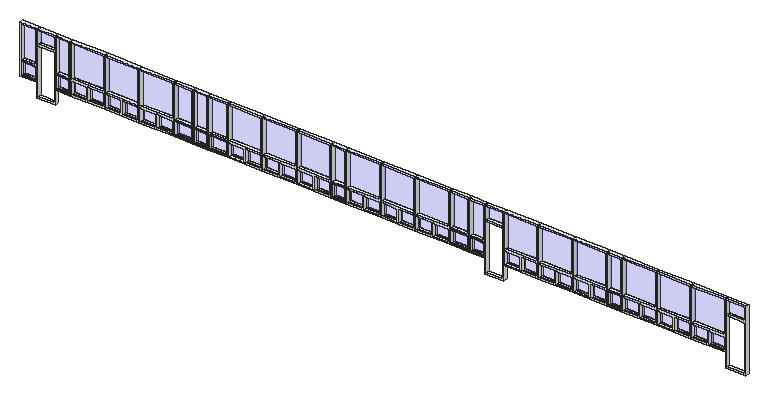
Revit family
Parameters
  창 두께 = 150 mm
  창 패널 = AW26 창 패널
  창 프레임 = AW26 창 프레임
  길이 2 = 기본 씰 높이 + Height  # 2700 mm
  길이 1 = (Width - 9050 mm) / 15  # 1500 mm
  Height = 2100 mm
  절반 창 두께 = 창 두께 / 2  # 75 mm
  기본 씰 높이 = 600 mm
  Wall Closure = (empty or 0)
  Width = 31550 mm
Reference planes
  plane 1: y = 0
  plane 2 "중심(왼쪽/오른쪽)": x = 0
  plane 3 "왼쪽": x = -15775
  plane 4 "오른쪽": x = 15775
  plane 5 "씰": z = 600
  plane 6 "헤드": z = 2700
  plane 7 "외부": y = 100
  plane 8 "내부": y = -100
  plane 9: y = -75
  plane 10: y = 75
  plane 11: y = 66
  plane 12: y = 44
  plane 13: y = 35
  plane 14: x = 10400
  plane 15: x = 9750
  plane 16: x = 8250
  plane 17: x = 6750
  plane 18: x = 5250
  plane 19: x = 4450
  plane 20: x = 3750
  plane 21: x = 2900
  plane 22: x = 1400
  plane 23: x = -100
  plane 24: x = -1600
  plane 25: x = -2250
  plane 26: x = -3750
  plane 27: x = -5250
  plane 28: x = -6750
  plane 29: x = -7600
  plane 30: x = -8250
  plane 31: x = -9100
  plane 32: x = -10600
  plane 33: x = -12100
  plane 34: x = -13600
  plane 35: x = -14250
  plane 36: z = 1200
  plane 37: z = 1245
  plane 38: z = 1190
  plane 39: z = 2655
  plane 40: x = 15730
  plane 41: x = -15730
  plane 42: x = 6750
  plane 43: x = -15050
  plane 44: x = 11900
  plane 45: z = 2100
  plane 46: z = 2055
  plane 47: x = 13400
  plane 48: x = 14950
  plane 49: x = 11150
  plane 50: x = 12650
  plane 51: x = 14175
  plane 52: z = 0
Text (mm)
  text "외부" at (-1963.203, 1332.353, 0), in view "참조 레벨"
  text "내부" at (-1981.466, -818.386, 0), in view "참조 레벨"
  text "외부" at (0, 923.751, 2943.296), in view "오른쪽"
  text "외부" at (0, 1040.484, 2685.409), in view "왼쪽"
Dimensions and locks
  equal spacing: plane 3 "왼쪽", plane 2 "중심(왼쪽/오른쪽)", plane 4 "오른쪽"
  "Width": plane 3 "왼쪽" to plane 4 "오른쪽"
  "Height": plane 5 "씰" to plane 6 "헤드"
  "기본 씰 높이": plane 5 "씰" to level
  locked: plane 7 "외부" to host wall at 0
  locked: plane 8 "내부" to host wall
  plane 10 to plane 11 to plane 12 to plane 13 = 9 mm locked, 22 mm locked, 9 mm locked
  locked: plane 15 to plane 14 at 650
  locked: plane 16 to plane 15 at 1500
  locked: plane 17 to plane 16 at 1500
  locked: plane 18 to plane 17 at 1500
  plane 19 to plane 18 = 800 mm
  plane 20 to plane 19 = 700 mm
  locked: plane 21 to plane 20 at 850
  locked: plane 22 to plane 21 at 1500
  locked: plane 23 to plane 22 at 1500
  locked: plane 24 to plane 23 at 1500
  locked: plane 25 to plane 24 at 650
  locked: plane 26 to plane 25 at 1500
  locked: plane 27 to plane 26 at 1500
  locked: plane 28 to plane 27 at 1500
  locked: plane 29 to plane 28 at 850
  locked: plane 30 to plane 29 at 650
  locked: plane 31 to plane 30 at 850
  locked: plane 32 to plane 31 at 1500
  locked: plane 33 to plane 32 at 1500
  locked: plane 34 to plane 33 at 1500
  locked: plane 35 to plane 34 at 650
  host wall to plane 6 "헤드" = 300 mm
  locked: plane 5 "씰" to plane 36 at 600
  plane 38 to plane 36 to plane 37 = 10 mm locked, 45 mm locked
  locked: plane 40 to plane 4 "오른쪽" at 45
  locked: plane 3 "왼쪽" to plane 41 at 45
  locked: plane 39 to plane 6 "헤드" at 45
  plane 46 to plane 45 to plane 6 "헤드" = 45 mm locked, 600 mm locked
  plane 3 "왼쪽" to plane 43 = 725 mm
  plane 43 to plane 35 = 800 mm
  plane 14 to plane 44 = 1500 mm
  plane 44 to plane 47 = 1500 mm
  plane 47 to plane 48 = 1550 mm
  plane 48 to plane 4 "오른쪽" = 825 mm
  equal spacing: plane 14, plane 49, plane 44
  equal spacing: plane 44, plane 50, plane 47
  equal spacing: plane 47, plane 51, plane 48
  "절반 창 두께": plane 10 to plane 1
  "절반 창 두께": plane 1 to plane 9
  locked: nested 3 to nested 7 at 2350
  locked: nested 22 to nested 19 at 2350
  aligned and locked: plane 42 to plane 17
  aligned and locked: plane 23 to nested 1
  aligned and locked: plane 5 "씰" to nested 1  (x2)
  aligned and locked: nested 2 to nested 1
  aligned and locked: plane 5 "씰" to nested 3
  aligned and locked: nested 2 to nested 3
  aligned and locked: plane 5 "씰" to nested 4
  aligned and locked: nested 4 to nested 3
  aligned and locked: nested 1 to nested 5
  aligned and locked: plane 52 to level
  aligned and locked: nested 6 to plane 52
  aligned and locked: nested 6 to nested 4
  aligned and locked: plane 5 "씰" to nested 7
  aligned and locked: plane 5 "씰" to nested 5
  aligned and locked: plane 5 "씰" to nested 8
  aligned and locked: nested 7 to nested 8
  aligned and locked: nested 9 to nested 8
  aligned and locked: plane 5 "씰" to nested 10
  aligned and locked: plane 5 "씰" to nested 11
  aligned and locked: nested 9 to nested 11
  aligned and locked: nested 10 to nested 11
  aligned and locked: plane 5 "씰" to nested 12
  aligned and locked: nested 10 to nested 12
  aligned and locked: plane 5 "씰" to nested 13
  aligned and locked: nested 12 to nested 13
  aligned and locked: nested 14 to plane 52
  aligned and locked: nested 14 to nested 13
  aligned and locked: plane 5 "씰" to nested 15
  aligned and locked: nested 15 to nested 5
  aligned and locked: plane 5 "씰" to nested 16
  aligned and locked: nested 16 to nested 15
  aligned and locked: plane 5 "씰" to nested 17
  aligned and locked: nested 16 to nested 17
  aligned and locked: plane 5 "씰" to nested 18
  aligned and locked: nested 17 to nested 18
  aligned and locked: plane 5 "씰" to nested 19
  aligned and locked: plane 5 "씰" to nested 20
  aligned and locked: nested 20 to nested 19
  aligned and locked: plane 5 "씰" to nested 21
  aligned and locked: nested 21 to nested 20
  aligned and locked: plane 5 "씰" to nested 22
  aligned and locked: nested 19 to nested 18
  aligned and locked: nested 23 to nested 22
  aligned and locked: plane 5 "씰" to nested 24
  aligned and locked: nested 23 to nested 24
  aligned and locked: plane 5 "씰" to nested 25
  aligned and locked: nested 25 to nested 24
  aligned and locked: nested 26 to plane 52
  aligned and locked: nested 26 to nested 25
  aligned and locked: plane 5 "씰" to nested 27
  aligned and locked: nested 26 to nested 27
  aligned and locked: plane 5 "씰" to nested 9
  aligned and locked: plane 5 "씰" to nested 2
  aligned and locked: plane 5 "씰" to nested 23
Nested families
  nested 1: "AW9 2" at (650, 0, 0), type "1500"
  nested 2: "AW9 2" at (2150, 0, 0), type "1500"
  nested 3: "창 고정 단위" at (3325, 0, 0), type "850"
    with Width 850 mm
  nested 4: "창 고정 단위" at (4100, 0, 0), type "700"
    with Width 700 mm
  nested 5: "AW9 2" at (-850, 0, 0), type "1500"
  nested 6: "문 프레임" at (4850, 0, -600), type "800"
    with 기본 씰 높이 600 mm, Width 800 mm
  nested 7: "AW9 2" at (6000, 0, 0), type "1500"
  nested 8: "AW9 2" at (7500, 0, 0), type "1500"
  nested 9: "AW9 2" at (9000, 0, 0), type "1500"
  nested 10: "AW9 2" at (11150, 0, 0), type "1500"
  nested 11: "창 고정 단위" at (10075, 0, 0), type "650"
  nested 12: "AW9 2" at (12650, 0, 0), type "1500"
  nested 13: "AW9 2" at (14150, 0, 0), type "1500"
  nested 14: "문 프레임" at (15337.5, 0, -600), type "875"
    with 기본 씰 높이 600 mm
  nested 15: "창 고정 단위" at (-1925, 0, 0), type "650"
  nested 16: "AW9 2" at (-3000, 0, 0), type "1500"
  nested 17: "AW9 2" at (-4500, 0, 0), type "1500"
  nested 18: "AW9 2" at (-6000, 0, 0), type "1500"
  nested 19: "창 고정 단위" at (-7175, 0, 0), type "850"
    with Width 850 mm
  nested 20: "창 고정 단위" at (-7925, 0, 0), type "650"
  nested 21: "창 고정 단위" at (-8675, 0, 0), type "850"
    with Width 850 mm
  nested 22: "AW9 2" at (-9850, 0, 0), type "1500"
  nested 23: "AW9 2" at (-11350, 0, 0), type "1500"
  nested 24: "AW9 2" at (-12850, 0, 0), type "1500"
  nested 25: "창 고정 단위" at (-13925, 0, 0), type "650"
  nested 26: "문 프레임" at (-14650, 0, -600), type "800"
    with 기본 씰 높이 600 mm, Width 800 mm
  nested 27: "창 고정 단위" at (-15412.5, 0, 0), type "725"
    with Width 725 mm
Definition of nested family "AW9 2"
  Parameters (values of type "AW9")
    창 두께 = 150 mm
    창 패널 = AW26 창 패널
    창 프레임 = AW26 창 프레임
    Height = 2100 mm
    절반 창 두께 = 창 두께 / 2  # 75 mm
    기본 씰 높이 = 600 mm
    Wall Closure = (empty or 0)
    Width = 1500 mm
    Assembly Code = ""
  Types (3, lengths in mm): name | Width
    AW9 | 1500
    AW9 2 | 1600
    AW9 1 | 4500
  Reference planes
    plane 1: y = 0
    plane 2 "중심(왼쪽/오른쪽)": x = 0
    plane 3 "왼쪽": x = -750
    plane 4 "오른쪽": x = 750
    plane 5 "씰": z = 600
    plane 6 "헤드": z = 2700
    plane 7 "외부": y = 100
    plane 8 "내부": y = -100
    plane 9: y = 75
    plane 10: y = -75
    plane 11: y = 35
    plane 12: x = -705
    plane 13: x = 705
    plane 14: x = -695
    plane 15: x = 695
    plane 16: z = 1200
    plane 17: z = 1190
    plane 18: z = 1245
    plane 19: y = 55
    plane 20: y = 66
    plane 21: y = 44
    plane 22: y = -11
    plane 23: y = 11
    plane 24: x = -22.5
    plane 25: x = 22.5
    plane 26: x = -32.5
    plane 27: x = 32.5
    plane 28: z = 2655
    plane 29: z = 645
    plane 30: x = 655
    plane 31: z = 1150
    plane 32: x = -655
    plane 33: z = 685
    plane 34: x = 72.5
    plane 35: x = -72.5
    plane 36: x = 368.75
    plane 37: x = -368.75
  Forms (mm)
    Extrusion 1, solid, material "AW26 창 프레임" <- "창 프레임"
      sketch origin (-2000, 75, 1000) x (-1, 0, 0) y (0, 0, 1)
        loop
          line (-2750, 1700) -> (-2750, -400) -> (-1250, -400) -> (-1250, 1700) -> (-2750, 1700)
        loop
          line (-2705, 1655) -> (-2705, 245) -> (-1295, 245) -> (-1295, 1655) -> (-2705, 1655)
        loop
          line (-2705, -355) -> (-2032.5, -355) -> (-2032.5, 190) -> (-2705, 190) -> (-2705, -355)
        loop
          line (-1295, -355) -> (-1295, 190) -> (-1967.5, 190) -> (-1967.5, -355) -> (-1295, -355)
      from -150 to 0
    Extrusion 2, solid, material "AW26 창 프레임" <- "창 프레임"
      sketch origin (-2000, 75, 1000) x (-1, 0, 0) y (0, 0, 1)
        loop
          line (-2705, 190) -> (-2705, -355) -> (-2032.5, -355) -> (-2032.5, 190) -> (-2705, 190)
        loop
          line (-1967.5, 190) -> (-1967.5, -355) -> (-1295, -355) -> (-1295, 190) -> (-1967.5, 190)
        loop
          line (-2655, 150) -> (-2655, -315) -> (-2072.5, -315) -> (-2072.5, 150) -> (-2655, 150)
        loop
          line (-1927.5, 150) -> (-1927.5, -315) -> (-1345, -315) -> (-1345, 150) -> (-1927.5, 150)
      from -40 to 0
    Extrusion 3, solid, material "AW26 창 패널" <- "창 패널"
      sketch origin (-2000, 75, 1000) x (-1, 0, 0) y (0, 0, 1)
        loop
          line (-2705, 1655) -> (-2705, 245) -> (-1295, 245) -> (-1295, 1655) -> (-2705, 1655)
        loop
          line (-2655, 150) -> (-2655, -315) -> (-2072.5, -315) -> (-2072.5, 150) -> (-2655, 150)
        loop
          line (-1927.5, 150) -> (-1927.5, -315) -> (-1345, -315) -> (-1345, 150) -> (-1927.5, 150)
      from -31 to -9
  Lines and regions (mm)
    Opening 1
      outline origin (3500, -100, 0) x (1, 0, 0) y (0, 0, 1)
        loop
          line (-2750, 600) -> (-2750, 2700) -> (-4250, 2700) -> (-4250, 600) -> (-2750, 600)
    symbolic lines, style "입면도 스윙"
      curve 1: line (368.75, 75, 1190) -> (705, 75, 645)
      curve 2: line (368.75, 75, 1190) -> (32.5, 75, 645)
      curve 3: line (-32.5, 75, 645) -> (-368.75, 75, 1190)
      curve 4: line (-368.75, 75, 1190) -> (-705, 75, 645)
    symbolic lines
      curve 5: line (-750, 75, 0) -> (750, 75, 0)
      curve 6: line (-705, 0, 0) -> (705, 0, 0)
      curve 7: line (-750, -75, 0) -> (750, -75, 0)
      curve 8: line (-705, 75, 0) -> (-705, -75, 0)
      curve 9: line (705, 75, 0) -> (705, -75, 0)
  Text (mm)
    text "외부" at (-1963.203, 1332.353, 0), in view "참조 레벨"
    text "내부" at (-1981.466, -818.386, 0), in view "참조 레벨"
    text "외부" at (0, 923.751, 2943.296), in view "오른쪽"
    text "외부" at (0, 1040.484, 2685.409), in view "왼쪽"
  Dimensions and locks
    equal spacing: plane 3 "왼쪽", plane 2 "중심(왼쪽/오른쪽)", plane 4 "오른쪽"
    "Width": plane 3 "왼쪽" to plane 4 "오른쪽"
    "Height": plane 5 "씰" to plane 6 "헤드"
    locked: plane 7 "외부" to host wall at 0
    locked: plane 8 "내부" to host wall
    plane 17 to plane 16 to plane 18 = 10 mm locked, 45 mm locked
    plane 9 to plane 19 to plane 11 = 20 mm locked, 20 mm locked
    plane 20 to plane 19 to plane 21 = 11 mm locked, 11 mm locked
    plane 23 to host wall to plane 22 = 11 mm locked, 11 mm locked
    plane 3 "왼쪽" to plane 12 to plane 14 = 45 mm locked, 10 mm locked
    plane 15 to plane 13 to plane 4 "오른쪽" = 10 mm locked, 45 mm locked
    plane 24 to plane 2 "중심(왼쪽/오른쪽)" to plane 25 = 22.5 mm locked, 22.5 mm locked
    locked: plane 26 to plane 24 at 10
    locked: plane 25 to plane 27 at 10
    locked: plane 5 "씰" to plane 16 at 600
    "절반 창 두께": plane 9 to plane 1
    "절반 창 두께": plane 10 to plane 1
    "기본 씰 높이": level to plane 5 "씰"
    locked: plane 28 to plane 6 "헤드" at 45
    locked: plane 5 "씰" to plane 29 at 45
    locked: plane 30 to plane 15 at 40
    locked: plane 31 to plane 17 at 40
    locked: plane 14 to plane 32 at 40
    locked: plane 29 to plane 33 at 40
    locked: plane 34 to plane 27 at 40
    locked: plane 26 to plane 35 at 40
    equal spacing: plane 27, plane 36, plane 13
    equal spacing: plane 26, plane 37, plane 12
    aligned and locked: plane 6 "헤드" to Extrusion 1 sketch curve
    aligned and locked: plane 4 "오른쪽" to Extrusion 1 sketch curve
    aligned and locked: Extrusion 1 sketch curve to plane 5 "씰"
    aligned and locked: Extrusion 1 sketch curve to plane 3 "왼쪽"
    aligned and locked: Extrusion 1 sketch curve to plane 28
    aligned and locked: plane 13 to Extrusion 1 sketch curve  (x2)
    aligned and locked: plane 29 to Extrusion 1 sketch curve  (x2)
    aligned and locked: Extrusion 1 sketch curve to plane 12
    aligned and locked: plane 18 to Extrusion 1 sketch curve
    aligned and locked: plane 12 to Extrusion 1 sketch curve
    aligned and locked: plane 17 to Extrusion 1 sketch curve  (x2)
    aligned and locked: plane 27 to Extrusion 1 sketch curve
    aligned and locked: plane 26 to Extrusion 1 sketch curve
    aligned and locked: Extrusion 1 to plane 10
    aligned and locked: plane 9 to Extrusion 1
    aligned and locked: plane 17 to Extrusion 2 sketch curve  (x2)
    aligned and locked: plane 13 to Extrusion 2 sketch curve
    aligned and locked: plane 29 to Extrusion 2 sketch curve  (x2)
    aligned and locked: plane 27 to Extrusion 2 sketch curve
    aligned and locked: Extrusion 2 sketch curve to plane 31  (x2)
    aligned and locked: Extrusion 2 sketch curve to plane 30
    aligned and locked: plane 33 to Extrusion 2 sketch curve  (x2)
    aligned and locked: Extrusion 2 sketch curve to plane 34
    aligned and locked: Extrusion 2 sketch curve to plane 26
    aligned and locked: Extrusion 2 sketch curve to plane 12
    aligned and locked: Extrusion 2 sketch curve to plane 35
    aligned and locked: Extrusion 2 sketch curve to plane 32
    aligned and locked: Extrusion 2 to plane 9
    aligned and locked: Extrusion 2 to plane 11
    aligned and locked: Extrusion 3 sketch curve to plane 28
    aligned and locked: plane 13 to Extrusion 3 sketch curve
    aligned and locked: Extrusion 3 sketch curve to plane 18
    aligned and locked: Extrusion 3 sketch curve to plane 12
    aligned and locked: Extrusion 3 sketch curve to plane 31  (x2)
    aligned and locked: Extrusion 3 sketch curve to plane 30
    aligned and locked: plane 33 to Extrusion 3 sketch curve  (x2)
    aligned and locked: Extrusion 3 sketch curve to plane 34
    aligned and locked: Extrusion 3 sketch curve to plane 35
    aligned and locked: Extrusion 3 sketch curve to plane 32
    aligned and locked: Extrusion 3 to plane 21
    aligned and locked: plane 20 to Extrusion 3
    aligned and locked: plane 36 to curve 1
    aligned and locked: plane 29 to curve 1
    aligned and locked: plane 13 to curve 1
    aligned and locked: plane 17 to curve 2
    aligned and locked: plane 27 to curve 2
    aligned and locked: plane 29 to curve 2
    aligned and locked: plane 17 to curve 3
    aligned and locked: plane 37 to curve 3
    aligned and locked: plane 29 to curve 3
    aligned and locked: plane 26 to curve 3
    aligned and locked: plane 29 to curve 4
    aligned and locked: plane 12 to curve 4
    aligned and locked: plane 3 "왼쪽" to curve 5
    aligned and locked: plane 3 "왼쪽" to curve 7
    aligned and locked: plane 12 to curve 6
    aligned and locked: plane 4 "오른쪽" to curve 5
    aligned and locked: plane 4 "오른쪽" to curve 7
    aligned and locked: plane 13 to curve 6
    aligned and locked: plane 13 to curve 9
    aligned and locked: plane 9 to curve 8
    aligned and locked: plane 10 to curve 8
    aligned and locked: plane 12 to curve 8
    aligned and locked: curve 5 to plane 9
    aligned and locked: curve 7 to plane 10
    aligned and locked: host wall to curve 6
  Automatic sketch dimensions
    Opening 1 sketch curve to plane 3 "왼쪽" = 0 mm
    Opening 1 sketch curve to plane 4 "오른쪽" = 0 mm
    Opening 1 sketch curve to plane 5 "씰" = 0 mm
    Opening 1 sketch curve to plane 6 "헤드" = 0 mm
    Extrusion 1 sketch curve to plane 17 = 0 mm
    Extrusion 1 sketch curve to plane 29 = 0 mm
Definition of nested family "창 고정 단위"
  Parameters (values of type "AW9_1_1")
    창 두께 = 150 mm
    창 패널 = AW26 창 패널
    창 프레임 = AW26 창 프레임
    Height = 2100 mm
    절반 창 두께 = 창 두께 / 2  # 75 mm
    기본 씰 높이 = 600 mm
    Wall Closure = (empty or 0)
    Width = 650 mm
    Assembly Code = ""
  Types (4, lengths in mm): name | Width
    AW9_1_1 | 650
    AW9_3 | 800
    AW9_2 | 850
    AW9_1 | 650
  Reference planes
    plane 1: y = 0
    plane 2 "중심(왼쪽/오른쪽)": x = 0
    plane 3 "왼쪽": x = -325
    plane 4 "오른쪽": x = 325
    plane 5 "씰": z = 600
    plane 6 "헤드": z = 2700
    plane 7 "외부": y = 100
    plane 8 "내부": y = -100
    plane 9: y = 75
    plane 10: y = -75
    plane 11: y = 35
    plane 12: x = -280
    plane 13: x = 280
    plane 14: x = -270
    plane 15: x = 270
    plane 16: z = 1200
    plane 17: z = 1190
    plane 18: z = 1245
    plane 19: y = 55
    plane 20: y = 66
    plane 21: y = 44
    plane 22: y = -11
    plane 23: y = 11
    plane 24: x = -22.5
    plane 25: x = 22.5
    plane 26: x = -32.5
    plane 27: x = 32.5
    plane 28: z = 2655
    plane 29: z = 645
    plane 30: x = 230
    plane 31: z = 1150
    plane 32: x = -230
    plane 33: z = 685
    plane 34: x = 72.5
    plane 35: x = -72.5
    plane 36: x = 156.25
    plane 37: x = -156.25
    plane 38: z = 655
  Forms (mm)
    Extrusion 1, solid, material "AW26 창 프레임" <- "창 프레임"
      sketch origin (-2000, 75, 1000) x (-1, 0, 0) y (0, 0, 1)
        loop
          line (-2325, 1700) -> (-2325, -400) -> (-1675, -400) -> (-1675, 1700) -> (-2325, 1700)
        loop
          line (-2280, 1655) -> (-2280, 245) -> (-1720, 245) -> (-1720, 1655) -> (-2280, 1655)
        loop
          line (-2280, -355) -> (-1720, -355) -> (-1720, 200) -> (-2280, 200) -> (-2280, -355)
      from -150 to 0
    Extrusion 2, solid, material "AW26 창 패널" <- "창 패널"
      sketch origin (-2000, 75, 1000) x (-1, 0, 0) y (0, 0, 1)
        loop
          line (-2280, 1655) -> (-2280, 245) -> (-1720, 245) -> (-1720, 1655) -> (-2280, 1655)
        loop
          line (-2280, 200) -> (-2280, -355) -> (-1720, -355) -> (-1720, 200) -> (-2280, 200)
      from -31 to -9
    Extrusion 3, solid, material "AW26 창 프레임" <- "창 프레임"
      sketch origin (-2000, 75, 1000) x (-1, 0, 0) y (0, 0, 1)
        loop
          line (-2230, 150) -> (-2230, -315) -> (-1770, -315) -> (-1770, 150) -> (-2230, 150)
        loop
          line (-2280, 200) -> (-2280, -355) -> (-1720, -355) -> (-1720, 200) -> (-2280, 200)
      from -64 to 0
    Extrusion 4, solid, material "AW26 창 프레임" <- "창 프레임"
      sketch origin (-2000, 75, 1000) x (-1, 0, 0) y (0, 0, 1)
        loop
          line (-2280, 200) -> (-2280, -355) -> (-1720, -355) -> (-1720, 200) -> (-2280, 200)
        loop
          line (-2270, 190) -> (-2270, -345) -> (-1730, -345) -> (-1730, 190) -> (-2270, 190)
      from -64 to -150
  Lines and regions (mm)
    Opening 1
      outline origin (3500, -100, 0) x (1, 0, 0) y (0, 0, 1)
        loop
          line (-3175, 600) -> (-3175, 2700) -> (-3825, 2700) -> (-3825, 600) -> (-3175, 600)
    symbolic lines, style "입면도 스윙"
      curve 1: line (0, 75, 1200) -> (280, 75, 645)
      curve 2: line (0, 75, 1200) -> (-280, 75, 645)
    symbolic lines
      curve 3: line (-325, 75, 0) -> (325, 75, 0)
      curve 4: line (-280, 0, 0) -> (280, 0, 0)
      curve 5: line (-325, -75, 0) -> (325, -75, 0)
      curve 6: line (-280, 75, 0) -> (-280, -75, 0)
      curve 7: line (280, 75, 0) -> (280, -75, 0)
  Text (mm)
    text "외부" at (-1963.203, 1332.353, 0), in view "참조 레벨"
    text "내부" at (-1981.466, -818.386, 0), in view "참조 레벨"
    text "외부" at (0, 923.751, 2943.296), in view "오른쪽"
    text "외부" at (0, 1040.484, 2685.409), in view "왼쪽"
  Dimensions and locks
    equal spacing: plane 3 "왼쪽", plane 2 "중심(왼쪽/오른쪽)", plane 4 "오른쪽"
    "Width": plane 3 "왼쪽" to plane 4 "오른쪽"
    "Height": plane 5 "씰" to plane 6 "헤드"
    locked: plane 7 "외부" to host wall at 0
    locked: plane 8 "내부" to host wall
    plane 17 to plane 16 to plane 18 = 10 mm locked, 45 mm locked
    plane 9 to plane 19 to plane 11 = 20 mm locked, 20 mm locked
    plane 20 to plane 19 to plane 21 = 11 mm locked, 11 mm locked
    plane 23 to host wall to plane 22 = 11 mm locked, 11 mm locked
    plane 3 "왼쪽" to plane 12 to plane 14 = 45 mm locked, 10 mm locked
    plane 15 to plane 13 to plane 4 "오른쪽" = 10 mm locked, 45 mm locked
    plane 24 to plane 2 "중심(왼쪽/오른쪽)" to plane 25 = 22.5 mm locked, 22.5 mm locked
    locked: plane 26 to plane 24 at 10
    locked: plane 25 to plane 27 at 10
    locked: plane 5 "씰" to plane 16 at 600
    "절반 창 두께": plane 9 to plane 1
    "절반 창 두께": plane 10 to plane 1
    "기본 씰 높이": level to plane 5 "씰"
    locked: plane 28 to plane 6 "헤드" at 45
    locked: plane 5 "씰" to plane 29 at 45
    locked: plane 30 to plane 15 at 40
    locked: plane 31 to plane 17 at 40
    locked: plane 14 to plane 32 at 40
    locked: plane 29 to plane 33 at 40
    locked: plane 34 to plane 27 at 40
    locked: plane 26 to plane 35 at 40
    equal spacing: plane 27, plane 36, plane 13
    equal spacing: plane 26, plane 37, plane 12
    locked: plane 29 to plane 38 at 10
    aligned and locked: plane 6 "헤드" to Extrusion 1 sketch curve
    aligned and locked: plane 4 "오른쪽" to Extrusion 1 sketch curve
    aligned and locked: Extrusion 1 sketch curve to plane 5 "씰"
    aligned and locked: Extrusion 1 sketch curve to plane 3 "왼쪽"
    aligned and locked: Extrusion 1 sketch curve to plane 28
    aligned and locked: Extrusion 1 sketch curve to plane 12
    aligned and locked: plane 13 to Extrusion 1 sketch curve  (x3)
    aligned and locked: plane 18 to Extrusion 1 sketch curve
    aligned and locked: Extrusion 1 to plane 10
    aligned and locked: plane 9 to Extrusion 1
    aligned and locked: plane 12 to Extrusion 1 sketch curve  (x2)
    aligned and locked: Extrusion 1 sketch curve to plane 29
    aligned and locked: plane 13 to Extrusion 2 sketch curve  (x2)
    aligned and locked: Extrusion 2 sketch curve to plane 28
    aligned and locked: Extrusion 2 sketch curve to plane 12  (x2)
    aligned and locked: Extrusion 2 sketch curve to plane 18
    aligned and locked: plane 29 to Extrusion 2 sketch curve
    aligned and locked: Extrusion 2 to plane 21
    aligned and locked: plane 20 to Extrusion 2
    aligned and locked: plane 33 to Extrusion 3 sketch curve
    aligned and locked: Extrusion 3 sketch curve to plane 32
    aligned and locked: Extrusion 3 sketch curve to plane 31
    aligned and locked: Extrusion 3 sketch curve to plane 30
    aligned and locked: plane 16 to Extrusion 3 sketch curve
    aligned and locked: plane 13 to Extrusion 3 sketch curve
    aligned and locked: plane 29 to Extrusion 3 sketch curve
    aligned and locked: Extrusion 3 sketch curve to plane 12
    aligned and locked: plane 16 to Extrusion 1 sketch curve
    aligned and locked: plane 16 to Extrusion 2 sketch curve
    aligned and locked: Extrusion 3 to plane 23
    aligned and locked: plane 9 to Extrusion 3
    aligned and locked: plane 16 to Extrusion 4 sketch curve
    aligned and locked: plane 13 to Extrusion 4 sketch curve
    aligned and locked: plane 29 to Extrusion 4 sketch curve
    aligned and locked: Extrusion 4 sketch curve to plane 12
    aligned and locked: Extrusion 4 sketch curve to plane 14
    aligned and locked: plane 17 to Extrusion 4 sketch curve
    aligned and locked: plane 15 to Extrusion 4 sketch curve
    aligned and locked: plane 38 to Extrusion 4 sketch curve
    aligned and locked: Extrusion 4 to plane 23
    aligned and locked: Extrusion 4 to plane 10
    aligned and locked: plane 2 "중심(왼쪽/오른쪽)" to curve 1
    aligned and locked: plane 29 to curve 1
    aligned and locked: plane 13 to curve 1
    aligned and locked: plane 16 to curve 2
    aligned and locked: plane 29 to curve 2
    aligned and locked: plane 12 to curve 2
    aligned and locked: plane 9 to curve 6
    aligned and locked: plane 10 to curve 6
    aligned and locked: plane 12 to curve 6
    aligned and locked: plane 13 to curve 7
    aligned and locked: plane 4 "오른쪽" to curve 3
    aligned and locked: plane 3 "왼쪽" to curve 3
    aligned and locked: plane 3 "왼쪽" to curve 5
    aligned and locked: plane 12 to curve 4
    aligned and locked: plane 4 "오른쪽" to curve 5
    aligned and locked: plane 13 to curve 4
    aligned and locked: curve 3 to plane 9
    aligned and locked: curve 5 to plane 10
    aligned and locked: host wall to curve 4
  Automatic sketch dimensions
    Opening 1 sketch curve to plane 3 "왼쪽" = 0 mm
    Opening 1 sketch curve to plane 4 "오른쪽" = 0 mm
    Opening 1 sketch curve to plane 5 "씰" = 0 mm
    Opening 1 sketch curve to plane 6 "헤드" = 0 mm
Definition of nested family "문 프레임"
  Parameters (values of type "AW9-1")
    창 두께 = 150 mm
    창 패널 = AW26 창 패널
    창 프레임 = AW26 창 프레임
    Height = 2700 mm
    절반 창 두께 = 창 두께 / 2  # 75 mm
    기본 씰 높이 = 0 mm
    Wall Closure = (empty or 0)
    Width = 875 mm
    Assembly Code = ""
  Reference planes
    plane 1: y = 0
    plane 2 "중심(왼쪽/오른쪽)": x = 0
    plane 3 "왼쪽": x = -437.5
    plane 4 "오른쪽": x = 437.5
    plane 5 "씰": z = 0
    plane 6 "헤드": z = 2700
    plane 7 "외부": y = 100
    plane 8 "내부": y = -100
    plane 9: y = 75
    plane 10: y = -75
    plane 11: y = 35
    plane 12: x = -392.5
    plane 13: x = 392.5
    plane 14: x = -382.5
    plane 15: x = 382.5
    plane 16: z = 2055
    plane 17: z = 2045
    plane 18: z = 2100
    plane 19: y = 55
    plane 20: y = 66
    plane 21: y = 44
    plane 22: y = -11
    plane 23: y = 11
    plane 24: x = -22.5
    plane 25: x = 22.5
    plane 26: x = -32.5
    plane 27: x = 32.5
    plane 28: z = 2655
    plane 29: z = 45
    plane 30: x = 342.5
    plane 31: z = 2005
    plane 32: x = -342.5
    plane 33: z = 85
    plane 34: x = 72.5
    plane 35: x = -72.5
  Forms (mm)
    Extrusion 1, solid, material "AW26 창 프레임" <- "창 프레임"
      sketch origin (-2000, 75, 1000) x (-1, 0, 0) y (0, 0, 1)
        loop
          line (-2437.5, 1700) -> (-2437.5, -1000) -> (-1562.5, -1000) -> (-1562.5, 1700) -> (-2437.5, 1700)
        loop
          line (-2392.5, 1655) -> (-2392.5, 1100) -> (-1607.5, 1100) -> (-1607.5, 1655) -> (-2392.5, 1655)
        loop
          line (-2392.5, -955) -> (-1607.5, -955) -> (-1607.5, 1055) -> (-2392.5, 1055) -> (-2392.5, -955)
      from -150 to 0
    Extrusion 2, solid, material "AW26 창 패널" <- "창 패널"
      sketch origin (-2000, 75, 1000) x (-1, 0, 0) y (0, 0, 1)
        loop
          line (-2392.5, 1655) -> (-2392.5, 1100) -> (-1607.5, 1100) -> (-1607.5, 1655) -> (-2392.5, 1655)
      from -40 to -9
  Lines and regions (mm)
    Opening 1
      outline origin (3500, -100, 0) x (1, 0, 0) y (0, 0, 1)
        loop
          line (-3062.5, 0) -> (-3062.5, 2700) -> (-3937.5, 2700) -> (-3937.5, 0) -> (-3062.5, 0)
    symbolic lines
      curve 1: line (-437.5, 75, 0) -> (437.5, 75, 0)
      curve 2: line (-437.5, -75, 0) -> (437.5, -75, 0)
      curve 3: line (-437.5, 75, 0) -> (-437.5, -75, 0)
      curve 4: line (437.5, 75, 0) -> (437.5, -75, 0)
  Text (mm)
    text "외부" at (-1963.203, 1332.353, 0), in view "참조 레벨"
    text "내부" at (-1981.466, -818.386, 0), in view "참조 레벨"
    text "외부" at (0, 923.751, 2943.296), in view "오른쪽"
    text "외부" at (0, 1040.484, 2685.409), in view "왼쪽"
  Dimensions and locks
    equal spacing: plane 3 "왼쪽", plane 2 "중심(왼쪽/오른쪽)", plane 4 "오른쪽"
    "Width": plane 3 "왼쪽" to plane 4 "오른쪽"
    "Height": plane 5 "씰" to plane 6 "헤드"
    locked: plane 7 "외부" to host wall at 0
    locked: plane 8 "내부" to host wall
    plane 17 to plane 16 to plane 18 = 10 mm locked, 45 mm locked
    plane 9 to plane 19 to plane 11 = 20 mm locked, 20 mm locked
    plane 20 to plane 19 to plane 21 = 11 mm locked, 11 mm locked
    plane 23 to host wall to plane 22 = 11 mm locked, 11 mm locked
    plane 3 "왼쪽" to plane 12 to plane 14 = 45 mm locked, 10 mm locked
    plane 15 to plane 13 to plane 4 "오른쪽" = 10 mm locked, 45 mm locked
    plane 24 to plane 2 "중심(왼쪽/오른쪽)" to plane 25 = 22.5 mm locked, 22.5 mm locked
    locked: plane 26 to plane 24 at 10
    locked: plane 25 to plane 27 at 10
    "절반 창 두께": plane 9 to plane 1
    "절반 창 두께": plane 10 to plane 1
    "기본 씰 높이": level to plane 5 "씰"
    locked: plane 28 to plane 6 "헤드" at 45
    locked: plane 5 "씰" to plane 29 at 45
    locked: plane 30 to plane 15 at 40
    locked: plane 31 to plane 17 at 40
    locked: plane 14 to plane 32 at 40
    locked: plane 29 to plane 33 at 40
    locked: plane 34 to plane 27 at 40
    locked: plane 26 to plane 35 at 40
    plane 18 to plane 6 "헤드" = 600 mm
    aligned and locked: plane 6 "헤드" to Extrusion 1 sketch curve
    aligned and locked: plane 4 "오른쪽" to Extrusion 1 sketch curve
    aligned and locked: Extrusion 1 sketch curve to plane 5 "씰"
    aligned and locked: Extrusion 1 sketch curve to plane 3 "왼쪽"
    aligned and locked: Extrusion 1 sketch curve to plane 28
    aligned and locked: plane 13 to Extrusion 1 sketch curve  (x3)
    aligned and locked: Extrusion 1 sketch curve to plane 12
    aligned and locked: plane 18 to Extrusion 1 sketch curve
    aligned and locked: Extrusion 1 to plane 10
    aligned and locked: plane 9 to Extrusion 1
    aligned and locked: plane 12 to Extrusion 1 sketch curve  (x2)
    aligned and locked: Extrusion 1 sketch curve to plane 29
    aligned and locked: plane 16 to Extrusion 1 sketch curve
    aligned and locked: Extrusion 2 sketch curve to plane 28
    aligned and locked: plane 13 to Extrusion 2 sketch curve
    aligned and locked: Extrusion 2 sketch curve to plane 18
    aligned and locked: Extrusion 2 sketch curve to plane 12
    aligned and locked: Extrusion 2 to plane 11
    aligned and locked: plane 20 to Extrusion 2
    aligned and locked: plane 9 to curve 3
    aligned and locked: plane 3 "왼쪽" to curve 3
    aligned and locked: plane 9 to curve 4
    aligned and locked: plane 10 to curve 4
    aligned and locked: plane 4 "오른쪽" to curve 4
    aligned and locked: plane 4 "오른쪽" to curve 2
    aligned and locked: plane 3 "왼쪽" to curve 2
    aligned and locked: curve 2 to plane 10
  Automatic sketch dimensions
    Opening 1 sketch curve to plane 3 "왼쪽" = 0 mm
    Opening 1 sketch curve to plane 4 "오른쪽" = 0 mm
    Opening 1 sketch curve to plane 5 "씰" = 0 mm
    Opening 1 sketch curve to plane 6 "헤드" = 0 mm
